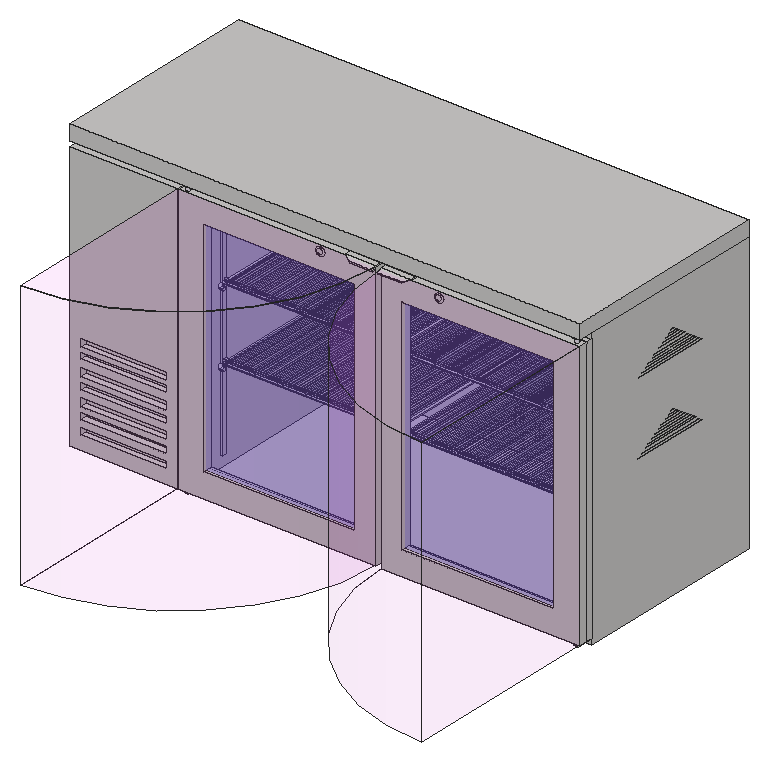
Revit family "QF_True_TBB24-60-2G-Z1-SFT-S-1_Glass_Swing_Door_Back_Bar", category Specialty Equipment, Revit 2021
Family settings
  Round Connector Dimension = Use Diameter
  Part Type = Normal
  Work Plane-Based = No
  Always vertical = Yes
  Cut with Voids When Loaded = No
  Shared = No
  Room Calculation Point = No
Parameters
  Weight in Pounds = 345
  Watts = Volts * FL Amps  # 368 W
  Volts = 115 V
  URL Cutsheet = ""
  Specification by User = ""
  Specification by Manufacturer = ""
  Show Seismic Flanged [instance] = yes
  Show Door Clearance [instance] = yes
  Show Default [instance] = if(or([Show 2" Casters], [Show 3" Casters]), or(or([Show 4" Casters], [Show 5" Casters], [Show 6" Legs]), and([Show 2" Casters], [Show 3" Casters]), and([Show 3" Casters], Show Seismic Flanged)), if(or([Show 4" Casters], [Show 5" Casters]), or(or([Show 6" Legs], Show Seismic Flanged), and([Show 4" Casters], [Show 5" Casters])), if([Show 6" Legs], Show Seismic Flanged, not(Show Seismic Flanged))))  # yes
  Show 6" Legs [instance] = yes
  Show 5" Casters [instance] = yes
  Show 4" Casters [instance] = yes
  Show 3" Casters [instance] = yes
  Show 2" Casters [instance] = yes
  Serial Number = ""
  Seismic Rating = ""
  SMACNA No = ""
  Revision Code = ""
  Phase = 1
  Number of Poles = 1
  NAFEM Spec ID Number = ""
  Model = "TBB24-60-2G-Z1-SFT-S-1"
  Min Ckt Ampacity = 0 A
  Max Overcurrent Protection = 0 A
  Masterspec = ""
  Manufacturer = "True"
  Length = 60 1/32"
  Item Number = ""
  Installed By = ""
  Identify Quantity as Lot = yes
  Height [instance] = Body Height + Base Height  # 34 23/32"
  HP = "1/4"
  Furnished By = ""
  Foodservice Equipment Identifier = yes
  FL Amps = 3.2 A
  Electrical Remarks = ""
  Electric Connection Type = ""
  Elec Conn RI Height = 0"
  Elec Conn Connection Height = 0"
  Door Finish [instance] = QF_Metal_Stainless_Polished
  Description = "Glass Swing Door Back Bar 24\" Depth Single Zone Cooler with Stainless Finished Top and Stainless Exterior"
  Depth = 25 11/32"
  Default Elevation = 0"
  Cycle = 60 Hz
  Counter Top Finish [instance] = QF_Metal_Stainless_Polished
  Conn Plug = "NEMA 5-15P"
  Conn Conduit = yes
  CSI MasterFormat = ""
  Body Height [instance] = 34 23/32"
  Body Finish [instance] = QF_Metal_Stainless_Polished
  Base Height [instance] = if(Show Default, 0", if([Show 2" Casters], 2", if([Show 3" Casters], 3", if([Show 4" Casters], 4", if([Show 5" Casters], 5", if([Show 6" Legs], 6", if(Show Seismic Flanged, 6", 0")))))))  # 0"
  Apparent Power = 0 VA
Reference planes (in)
  plane 1 "BACK": y = 0
  plane 2: z = 0
  plane 3 "LEFT": x = 0
  plane 4 "RIGHT": x = 60.03125
  plane 5 "FRONT": y = -25.34375
  plane 6 "TOP": z = 34.71875
  plane 7 "Center Y": x = 30.01563
  plane 8 "Center X": y = -12.67188
  plane 9: z = 0
Dimensions and locks (in)
  equal spacing: plane 3 "LEFT", plane 7 "Center Y", plane 4 "RIGHT"
  "Length": plane 3 "LEFT" to plane 4 "RIGHT"
  equal spacing: plane 5 "FRONT", plane 8 "Center X", plane 1 "BACK"
  "Depth": plane 5 "FRONT" to plane 1 "BACK"
  plane 6 "TOP" to level = 34 23/32"
  "Body Height": plane 6 "TOP" to plane 9
  "Base Height": plane 9 to level
  aligned and locked: level to plane 2
  aligned and locked: nested 1 to plane 9
Nested families (in)
  nested 1: "TBB24-60-2G-Z1-BST-B-1" at (0, 0, 0), Show Door Clearance <- "Show Door Clearance", Body Finish <- "Body Finish", Counter Top Finishes <- "Counter Top Finish", Door Finish <- "Door Finish", type "TBB24-60-2G-Z1-BST-B-1"
    with Show Door Clearance yes, Door Finish QF_Metal_Stainless_Polished, Counter Top Finishes QF_Metal_Stainless_Polished, Body Finish QF_Metal_Stainless_Polished
  nested 2: "Family3" at (2.5, -20.41792, 0), Show 2" Casters <- "Show 2" Casters", Show 3" Casters <- "Show 3" Casters", Show 4" Casters <- "Show 4" Casters", Show 5" Casters <- "Show 5" Casters", Show 6" Legs <- "Show 6" Legs", Show Seismic Flanged <- "Show Seismic Flanged", type "Family3"
    with Show Seismic Flanged yes, Show 6" Legs yes, Show 5" Casters yes, Show 4" Casters yes, Show 3" Casters yes, Show 2" Casters yes
  nested 3: "Family3" at (57.53125, -20.41792, 0), Show 2" Casters <- "Show 2" Casters", Show 3" Casters <- "Show 3" Casters", Show 4" Casters <- "Show 4" Casters", Show 5" Casters <- "Show 5" Casters", Show 6" Legs <- "Show 6" Legs", Show Seismic Flanged <- "Show Seismic Flanged", type "Family3"
    with Show Seismic Flanged yes, Show 6" Legs yes, Show 5" Casters yes, Show 4" Casters yes, Show 3" Casters yes, Show 2" Casters yes
  nested 4: "Family3" at (2.5, -2.91792, 0), Show 2" Casters <- "Show 2" Casters", Show 3" Casters <- "Show 3" Casters", Show 4" Casters <- "Show 4" Casters", Show 5" Casters <- "Show 5" Casters", Show 6" Legs <- "Show 6" Legs", Show Seismic Flanged <- "Show Seismic Flanged", type "Family3"
    with Show Seismic Flanged yes, Show 6" Legs yes, Show 5" Casters yes, Show 4" Casters yes, Show 3" Casters yes, Show 2" Casters yes
  nested 5: "Family3" at (57.53125, -2.91792, 0), Show 2" Casters <- "Show 2" Casters", Show 3" Casters <- "Show 3" Casters", Show 4" Casters <- "Show 4" Casters", Show 5" Casters <- "Show 5" Casters", Show 6" Legs <- "Show 6" Legs", Show Seismic Flanged <- "Show Seismic Flanged", type "Family3"
    with Show Seismic Flanged yes, Show 6" Legs yes, Show 5" Casters yes, Show 4" Casters yes, Show 3" Casters yes, Show 2" Casters yes
Connectors (in)
  electrical at (5.92159, 0.23047, 18.36709), driven by "Volts", driven by "Watts"
    settings: on nested 1, index 1, voltage 115 V, apparent load 368 VA, apparent load phase1 0 VA, apparent load phase2 0 VA, apparent load phase3 0 VA, power factor 1, load classification "Other", number of poles 1, system type 30, power factor state 1, is connector primary yes, connector utility no, sub classification motor no, connector description "ELECTRICAL CONNECTION"
Definition of nested family "TBB24-60-2G-Z1-BST-B-1"
  Parameters (values of type "TBB24-60-2G-Z1-BST-B-1")
    Weight in Pounds = 0
    URL Cutsheet = ""
    Specification by User = ""
    Specification by Manufacturer = ""
    Show Door Clearance [instance] = yes
    Serial Number = ""
    Seismic Rating = ""
    SMACNA No = ""
    Revision Code = ""
    NAFEM Spec ID Number = ""
    Masterspec = ""
    Length = 60 1/32"
    Item Number = ""
    Installed By = ""
    Identify Quantity as Lot = yes
    Height = 34 23/32"
    Furnished By = ""
    Foodservice Equipment Identifier = yes
    Door Finish [instance] = none
    Depth = 25 11/32"
    Default Elevation = 0"
    Counter Top Finishes [instance] = none
    CSI MasterFormat = ""
    Body Finish [instance] = none
  Reference planes (in)
    plane 1 "BACK": y = 0
    plane 2: z = 0
    plane 3 "LEFT": x = 0
    plane 4 "RIGHT": x = 60.03125
    plane 5 "FRONT": y = -25.34375
    plane 6 "TOP": z = 34.71875
    plane 7 "Center Y": x = 30.01563
    plane 8 "Center X": y = -12.67188
    plane 9: y = -48.09375
    plane 10: z = 0.6875
    plane 11: z = 32.9375
    plane 12: z = 2.0625
    plane 13: y = -21.41792
    plane 14: z = 0.33506
    plane 15: y = -24.875
    plane 16: y = -21.41792
  Forms (in)
    Extrusion 1, solid, material <- "Counter Top Finishes"
      sketch origin (0, 0, 0) x (1, 0, 0) y (0, 0, 1)
        loop
          line (0, 34.71875) -> (0, 32.9375) -> (60.03125, 32.9375) -> (60.03125, 34.71875) -> (0, 34.71875)
      from 0 to 24.875
    Extrusion 2, solid, material <- "Body Finish"
      sketch origin (0, 0, 0) x (0, 1, 0) y (0, 0, 1)
        loop
          line (0, 32.9375) -> (-23.09422, 32.9375) -> (-23.09422, 0) -> (0, 0) -> (0, 32.9375)
      from 0 to 60.03125
    Extrusion 3, void
      sketch origin (-0.75, -1.91691, 2.0625) x (0, -1, 0) y (1, 0, 0)
        loop
          line (0, 15.65625) -> (21.17731, 15.65625) -> (21.17731, 58.16688) -> (0, 58.16688) -> (0, 15.65625)
      from 0 to 30.21251
    Extrusion 4, solid, material <- "Body Finish"
      sketch origin (0, -23.09422, 32.9375) x (0, 0, -1) y (1, 0, 0)
        loop
          line (0.66249, 0) -> (32.25, 0) -> (32.25, 12.78125) -> (0.66249, 12.78125) -> (0.66249, 0)
      from 0 to 1.78078
    Extrusion 5, void
      sketch origin (0, -24.875, 32.9375) x (0, 0, 1) y (1, 0, 0)
        loop
          line (-20.35539, 1.27626) -> (-20.35539, 11.4546) -> (-21.35539, 11.4546) -> (-21.35539, 1.27626) -> (-20.35539, 1.27626)
        loop
          line (-21.80947, 1.27626) -> (-21.80947, 11.4546) -> (-22.63661, 11.4546) -> (-22.63661, 1.27626) -> (-21.80947, 1.27626)
        loop
          line (-23.48039, 1.27626) -> (-23.48039, 11.4546) -> (-24.48039, 11.4546) -> (-24.48039, 1.27626) -> (-23.48039, 1.27626)
        loop
          line (-25.05947, 1.27626) -> (-25.05947, 11.4546) -> (-25.88661, 11.4546) -> (-25.88661, 1.27626) -> (-25.05947, 1.27626)
        loop
          line (-26.60539, 1.27626) -> (-26.60539, 11.4546) -> (-27.60539, 11.4546) -> (-27.60539, 1.27626) -> (-26.60539, 1.27626)
        loop
          line (-28.18447, 1.27626) -> (-28.18447, 11.4546) -> (-29.01161, 11.4546) -> (-29.01161, 1.27626) -> (-28.18447, 1.27626)
        loop
          line (-29.80947, 1.27626) -> (-29.80947, 11.4546) -> (-30.63661, 11.4546) -> (-30.63661, 1.27626) -> (-29.80947, 1.27626)
      from 0 to 0.83594
    Extrusion 6, solid
      sketch origin (0, 0, 32.6875) x (0, 0, 1) y (1, 0, 0)
        loop
          arc (-12.59037, 11.27264) -> (-12.81004, 11.80298) -> (-13.34037, 12.02264) r 0.75
          line (-13.34037, 12.02264) -> (-31.375, 12.02264)
          arc (-31.375, 12.02264) -> (-31.90533, 11.80298) -> (-32.125, 11.27264) r 0.75
          line (-32.125, 11.27264) -> (-32.125, 0.75)
          arc (-32.125, 0.75) -> (-31.90533, 0.21967) -> (-31.375, 0) r 0.75
          line (-31.375, 0) -> (-13.34037, 0)
          arc (-13.34037, 0) -> (-12.81004, 0.21967) -> (-12.59037, 0.75) r 0.75
          line (-12.59037, 0.75) -> (-12.59037, 5.19897) -> (-12.14941, 5.19897)
          arc (-12.14941, 5.19897) -> (-11.39941, 5.94897) -> (-12.14941, 6.69897) r 0.75
          line (-12.14941, 6.69897) -> (-12.59037, 6.69897) -> (-12.59037, 11.27264)
      from 0 to 0.03125
    Extrusion 7, solid
      sketch origin (0, 0.03125, 32.6875) x (0, 0, 1) y (1, 0, 0)
        loop
          line (-11.64941, 5.94897) -> (-11.89941, 6.38198) -> (-12.39941, 6.38198) -> (-12.64941, 5.94897) -> (-12.39941, 5.51596) -> (-11.89941, 5.51596) -> (-11.64941, 5.94897)
      from 0 to 0.19922
    Extrusion 8, solid
      sketch origin (0, 0.03125, 32.6875) x (0, 0, 1) y (1, 0, 0)
        loop
          circle (-14.32041, 5.92159) r 0.5
      from 0 to 0.19922
    Blend 9, solid, material <- "Door Finish"
      base sketch origin (-5, -24.875, 35.99786) x (0, 0, -1) y (1, 0, 0)
        loop
          circle (4.37806, 48.52437) r 0.5
      top sketch origin (-5, -24.875, 35.99786) x (0, 0, 1) y (1, 0, 0)
        loop
          circle (-4.37806, 48.52437) r 0.37406
      from 0 to 0.04478
    Extrusion 10, solid
      sketch origin (14.90625, -23.09422, 2.0625) x (0, 1, 0) y (0, 0, 1)
        loop
          line (1.6763, 28.46788) -> (1.6763, 1.46788) -> (2.1763, 1.46788) -> (2.1763, 28.46788) -> (1.6763, 28.46788)
        loop
          line (17.9263, 28.46788) -> (17.9263, 1.46788) -> (18.4263, 1.46788) -> (18.4263, 28.46788) -> (17.9263, 28.46788)
      from 0 to 0.38124
    Extrusion 11, solid
      sketch origin (57.41688, -1.91691, 2.0625) x (0, -1, 0) y (0, 0, 1)
        loop
          line (19.50101, 28.46788) -> (19.00101, 28.46788) -> (19.00101, 1.46788) -> (19.50101, 1.46788) -> (19.50101, 28.46788)
        loop
          line (3.25101, 28.46788) -> (2.75101, 28.46788) -> (2.75101, 1.46788) -> (3.25101, 1.46788) -> (3.25101, 28.46788)
      from 0 to 0.38124
    Extrusion 12, solid
      sketch origin (19.04188, -1.91691, 2.0625) x (1, 0, 0) y (0, 0, 1)
        loop
          line (15.49577, 28.46788) -> (15.49577, 1.46788) -> (15.99577, 1.46788) -> (15.99577, 28.46788) -> (15.49577, 28.46788)
        loop
          line (18.27204, 28.46788) -> (17.77204, 28.46788) -> (17.77204, 1.46788) -> (18.27204, 1.46788) -> (18.27204, 28.46788)
        loop
          line (-0.31673, 28.46788) -> (-0.31673, 1.46788) -> (0.18327, 1.46788) -> (0.18327, 28.46788) -> (-0.31673, 28.46788)
        loop
          line (34.59516, 28.46788) -> (34.09516, 28.46788) -> (34.09516, 1.46788) -> (34.59516, 1.46788) -> (34.59516, 28.46788)
      from 0 to 0.38281
    Sweep 13, solid
      path origin (-10.42517, -180.25, 22.00641) x (-1, 0, 0) y (0, -1, 0)
        loop
          line (-25.93408, -158.83208) -> (-45.43408, -158.83208)
          arc (-45.43408, -158.83208) -> (-45.78763, -158.97853) -> (-45.93408, -159.33208) r 0.5
          line (-45.93408, -159.33208) -> (-45.93408, -177.20028)
          arc (-45.93408, -177.20028) -> (-45.78763, -177.55383) -> (-45.43408, -177.70028) r 0.5
          line (-45.43408, -177.70028) -> (-26.43408, -177.70028)
          arc (-26.43408, -177.70028) -> (-26.08052, -177.55383) -> (-25.93408, -177.20028) r 0.5
          line (-25.93408, -177.20028) -> (-25.93408, -158.33208)
          arc (-25.93408, -158.33208) -> (-26.08052, -157.97853) -> (-26.43408, -157.83208) r 0.5
          line (-26.43408, -157.83208) -> (-26.68408, -157.83208)
      profile origin (15.50891, -12.48382, 22.00641) x (1, 0, 0) y (0, 0, 1)
        loop
          circle (0, -0.10817) r 0.14183
    Extrusion 14, solid
      sketch origin (19.04188, -21.41792, 3.53038) x (0, 0, 1) y (-1, 0, 0)
        loop
          line (18.22603, 3.31156) -> (18.22603, 3.75439) -> (17.64488, 3.75439) -> (18.08771, 3.31156) -> (18.22603, 3.31156)
        loop
          line (18.22603, -37.55093) -> (18.08771, -37.55093) -> (17.64488, -37.99376) -> (18.22603, -37.99376) -> (18.22603, -37.55093)
      from 0 to -0.5
    Extrusion 15, solid
      sketch origin (25.04188, -5.16792, 3.53038) x (0, 0, 1) y (-1, 0, 0)
        loop
          line (18.22603, 9.31156) -> (18.22603, 9.75439) -> (17.64488, 9.75439) -> (18.08771, 9.31156) -> (18.22603, 9.31156)
        loop
          line (18.22603, -31.55093) -> (18.08771, -31.55093) -> (17.64488, -31.99376) -> (18.22603, -31.99376) -> (18.22603, -31.55093)
      from 0 to -0.5
    Extrusion 16, solid
      sketch origin (34.53765, -1.91691, 3.53038) x (0, 0, 1) y (0, 1, 0)
        loop
          line (18.22603, -0.82564) -> (18.22603, -0.38281) -> (17.64488, -0.38281) -> (18.08771, -0.82564) -> (18.22603, -0.82564)
      from 0 to -0.5
    Extrusion 17, solid
      sketch origin (18.72515, -1.91691, 3.53038) x (0, 0, 1) y (0, 1, 0)
        loop
          line (18.22603, -0.82564) -> (18.22603, -0.38281) -> (17.64488, -0.38281) -> (18.08771, -0.82564) -> (18.22603, -0.82564)
      from 0 to -0.5
    Extrusion 18, solid
      sketch origin (37.31391, -1.91691, 29.47235) x (0, 0, 1) y (0, -1, 0)
        loop
          line (-7.71594, 0.82564) -> (-7.85426, 0.82564) -> (-8.29708, 0.38281) -> (-7.71594, 0.38281) -> (-7.71594, 0.82564)
      from 0 to -0.5
    Extrusion 19, solid
      sketch origin (14.90625, -21.41792, -4.96962) x (0, 0, 1) y (-1, 0, 0)
        loop
          line (18.22603, -0.82407) -> (18.22603, -0.38124) -> (17.64488, -0.38124) -> (18.08771, -0.82407) -> (18.22603, -0.82407)
        loop
          line (18.22603, -41.68656) -> (18.08771, -41.68656) -> (17.64488, -42.12939) -> (18.22603, -42.12939) -> (18.22603, -41.68656)
      from 0 to -0.5
    Extrusion 20, solid
      sketch origin (34.53765, -1.91691, -4.96962) x (0, 0, 1) y (0, 1, 0)
        loop
          line (18.22603, -0.82564) -> (18.22603, -0.38281) -> (17.64488, -0.38281) -> (18.08771, -0.82564) -> (18.22603, -0.82564)
      from 0 to -0.5
    Extrusion 21, solid
      sketch origin (18.72515, -1.91691, -4.96962) x (0, 0, 1) y (0, 1, 0)
        loop
          line (18.22603, -0.82564) -> (18.22603, -0.38281) -> (17.64488, -0.38281) -> (18.08771, -0.82564) -> (18.22603, -0.82564)
      from 0 to -0.5
    Extrusion 22, solid
      sketch origin (15.5375, -180, 22.04397) x (0, 0, 1) y (0, -1, 0)
        loop
          circle (0.11695, -158.83233) r 0.05462
      from -0.25 to 19.9636
    Extrusion 23, solid
      sketch origin (15.5375, -180, 13.54397) x (0, 0, 1) y (0, -1, 0)
        loop
          circle (0.11695, -158.83233) r 0.05462
      from -0.25 to 19.9636
    Extrusion 24, solid
      sketch origin (56.82469, -180, 22.04397) x (0, 0, 1) y (0, 1, 0)
        loop
          circle (0.11695, 158.83233) r 0.05462
      from -0.21094 to 20.01078
    Extrusion 25, solid
      sketch origin (56.82022, -180, 13.54007) x (0, 0, 1) y (0, 1, 0)
        loop
          circle (0.11695, 158.83233) r 0.05462
      from -0.21094 to 20.00631
    Extrusion 26, solid
      sketch origin (-1.61038, -180, 0.33506) x (-1, 0, 0) y (0, -1, 0)
        loop
          line (-61.29788, -156.90578) -> (-59.66418, -156.90578)
          arc (-59.66418, -156.90578) -> (-59.54705, -156.82752) -> (-59.57453, -156.68935) r 0.12678
          line (-59.57453, -156.68935) -> (-60.70798, -155.5559)
          arc (-60.70798, -155.5559) -> (-60.77855, -155.50875) -> (-60.8618, -155.49219) r 0.21754
          line (-60.8618, -155.49219) -> (-61.1513, -155.49219)
          arc (-61.1513, -155.49219) -> (-61.25494, -155.53512) -> (-61.29788, -155.63876) r 0.14658
          line (-61.29788, -155.63876) -> (-61.29788, -156.90578)
        loop
          line (-14.76663, -156.90578) -> (-14.76663, -155.63876)
          arc (-14.76663, -155.63876) -> (-14.80956, -155.53512) -> (-14.9132, -155.49219) r 0.14658
          line (-14.9132, -155.49219) -> (-15.2027, -155.49219)
          arc (-15.2027, -155.49219) -> (-15.28595, -155.50875) -> (-15.35652, -155.5559) r 0.21754
          line (-15.35652, -155.5559) -> (-16.48997, -156.68935)
          arc (-16.48997, -156.68935) -> (-16.51745, -156.82752) -> (-16.40032, -156.90578) r 0.12678
          line (-16.40032, -156.90578) -> (-14.76663, -156.90578)
      from 0 to 0.0625
    Extrusion 27, solid
      sketch origin (0.42834, -23.09422, 32.9375) x (0, 0, -1) y (1, 0, 0)
        loop
          line (32.60244, 12.72791) -> (32.60244, 14.48839) -> (32.25, 14.48839) -> (32.25, 12.72791) -> (32.60244, 12.72791)
        loop
          line (32.60244, 59.25916) -> (32.25, 59.25916) -> (32.25, 57.49868) -> (32.60244, 57.49868) -> (32.60244, 59.25916)
      from 0 to 0.0625
    Revolve 28, solid
      sketch origin (59.28125, -179.80331, 0.39756) x (0, 0, 1) y (0, -1, 0)
        loop
          line (0.28994, -155.82696) -> (0, -155.82696) -> (0, -156.0211) -> (0.28994, -156.0211) -> (0.28994, -155.82696)
        axis (0.28994, -155.82696) -> (0, -155.82696)
      angle from 0 to 360
    Revolve 29, solid
      sketch origin (13.53125, -179.80331, 0.39756) x (0, 0, 1) y (0, -1, 0)
        loop
          line (0.28994, -155.82696) -> (0, -155.82696) -> (0, -156.0211) -> (0.28994, -156.0211) -> (0.28994, -155.82696)
        axis (0.28994, -155.82696) -> (0, -155.82696)
      angle from 0 to 360
    Extrusion 30, solid, material <- "Door Finish"
      sketch origin (0, -23.09422, 32.9375) x (0, 0, -1) y (1, 0, 0)
        loop
          line (0.66249, 12.78125) -> (32.25, 12.78125) -> (32.25, 36.40625) -> (0.66249, 36.40625) -> (0.66249, 12.78125)
        loop
          line (31.25, 13.78125) -> (31.25, 35.40625) -> (1.66249, 35.40625) -> (1.66249, 13.78125) -> (31.25, 13.78125)
      from 0 to 0.64622
    Extrusion 31, solid, material <- "Door Finish"
      sketch origin (71.7727, -23.09422, 32.9375) x (0, 0, -1) y (1, 0, 0)
        loop
          line (0.66249, -11.74145) -> (0.66249, -35.36645) -> (32.25, -35.36645) -> (32.25, -11.74145) -> (0.66249, -11.74145)
        loop
          line (31.25, -12.74145) -> (1.66249, -12.74145) -> (1.66249, -34.36645) -> (31.25, -34.36645) -> (31.25, -12.74145)
      from 0 to 0.64622
    Extrusion 32, solid, material <- "Door Finish"
      sketch origin (71.7727, -23.09422, 32.9375) x (0, 0, -1) y (1, 0, 0)
        loop
          line (0.66249, -11.74145) -> (0.66249, -35.05395) -> (32.25, -35.05395) -> (32.25, -11.74145) -> (0.66249, -11.74145)
        loop
          line (3.27169, -14.74153) -> (3.27169, -32.59088) -> (29.40712, -32.59088) -> (29.40712, -14.74153) -> (3.27169, -14.74153)
      from 1.78078 to 0.64622
    Sweep 33, solid
      path origin (-10.42517, -180.25, 13.50641) x (-1, 0, 0) y (0, -1, 0)
        loop
          line (-25.93408, -158.83208) -> (-45.43408, -158.83208)
          arc (-45.43408, -158.83208) -> (-45.78763, -158.97853) -> (-45.93408, -159.33208) r 0.5
          line (-45.93408, -159.33208) -> (-45.93408, -177.20028)
          arc (-45.93408, -177.20028) -> (-45.78763, -177.55383) -> (-45.43408, -177.70028) r 0.5
          line (-45.43408, -177.70028) -> (-26.43408, -177.70028)
          arc (-26.43408, -177.70028) -> (-26.08052, -177.55383) -> (-25.93408, -177.20028) r 0.5
          line (-25.93408, -177.20028) -> (-25.93408, -158.33208)
          arc (-25.93408, -158.33208) -> (-26.08052, -157.97853) -> (-26.43408, -157.83208) r 0.5
          line (-26.43408, -157.83208) -> (-26.68408, -157.83208)
      profile origin (15.50891, -12.48382, 13.50641) x (1, 0, 0) y (0, 0, 1)
        loop
          circle (0, -0.10817) r 0.14183
    Extrusion 34, solid
      sketch origin (53.63704, -1.91691, 29.47235) x (0, 0, 1) y (0, -1, 0)
        loop
          line (-7.71594, 0.82564) -> (-7.85426, 0.82564) -> (-8.29708, 0.38281) -> (-7.71594, 0.38281) -> (-7.71594, 0.82564)
      from 0 to -0.5
    Extrusion 35, solid
      sketch origin (36.81391, -1.91691, 30.53038) x (0, 0, -1) y (0, -1, 0)
        loop
          line (17.27397, 0.82564) -> (17.27397, 0.38281) -> (17.85512, 0.38281) -> (17.41229, 0.82564) -> (17.27397, 0.82564)
      from 0 to -0.5
    Extrusion 36, solid
      sketch origin (53.63704, -1.91691, 3.53038) x (0, 0, 1) y (0, -1, 0)
        loop
          line (9.72603, 0.82564) -> (9.58771, 0.82564) -> (9.14488, 0.38281) -> (9.72603, 0.38281) -> (9.72603, 0.82564)
      from 0 to -0.5
    Sweep 37, solid
      path origin (82.7483, -180.25, 22.00641) x (1, 0, 0) y (0, 1, 0)
        loop
          line (-25.93408, 158.83208) -> (-45.43408, 158.83208)
          arc (-45.43408, 158.83208) -> (-45.78763, 158.97853) -> (-45.93408, 159.33208) r 0.5
          line (-45.93408, 159.33208) -> (-45.93408, 177.20028)
          arc (-45.93408, 177.20028) -> (-45.78763, 177.55383) -> (-45.43408, 177.70028) r 0.5
          line (-45.43408, 177.70028) -> (-26.43408, 177.70028)
          arc (-26.43408, 177.70028) -> (-26.08052, 177.55383) -> (-25.93408, 177.20028) r 0.5
          line (-25.93408, 177.20028) -> (-25.93408, 158.33208)
          arc (-25.93408, 158.33208) -> (-26.08052, 157.97853) -> (-26.43408, 157.83208) r 0.5
          line (-26.43408, 157.83208) -> (-26.68408, 157.83208)
      profile origin (56.81422, -12.48382, 22.00641) x (1, 0, 0) y (0, 0, 1)
        loop
          circle (0, -0.10817) r 0.14183
    Sweep 38, solid
      path origin (82.7483, -180.25, 13.50641) x (1, 0, 0) y (0, 1, 0)
        loop
          line (-25.93408, 158.83208) -> (-45.43408, 158.83208)
          arc (-45.43408, 158.83208) -> (-45.78763, 158.97853) -> (-45.93408, 159.33208) r 0.5
          line (-45.93408, 159.33208) -> (-45.93408, 177.20028)
          arc (-45.93408, 177.20028) -> (-45.78763, 177.55383) -> (-45.43408, 177.70028) r 0.5
          line (-45.43408, 177.70028) -> (-26.43408, 177.70028)
          arc (-26.43408, 177.70028) -> (-26.08052, 177.55383) -> (-25.93408, 177.20028) r 0.5
          line (-25.93408, 177.20028) -> (-25.93408, 158.33208)
          arc (-25.93408, 158.33208) -> (-26.08052, 157.97853) -> (-26.43408, 157.83208) r 0.5
          line (-26.43408, 157.83208) -> (-26.68408, 157.83208)
      profile origin (56.81422, -12.48382, 13.50641) x (1, 0, 0) y (0, 0, 1)
        loop
          circle (0, -0.10817) r 0.14183
    Extrusion 39, solid
      sketch origin (0, -21.41792, 22.04105) x (0, 0, -1) y (1, 0, 0)
        loop
          circle (-0.03189, 15.80488) r 0.03205
      from 0 to -18.90457
    Extrusion 40, solid
      sketch origin (19.5489, -21.41792, 22.04105) x (0, 0, -1) y (1, 0, 0)
        loop
          circle (-0.03189, 15.80488) r 0.03205
      from 0 to -18.90457
    Extrusion 41, solid
      sketch origin (0.33134, -21.41792, 22.04105) x (0, 0, -1) y (1, 0, 0)
        loop
          circle (-0.03189, 15.80488) r 0.03205
      from 0 to -18.90457
    Extrusion 42, solid
      sketch origin (0.66267, -21.41792, 22.04105) x (0, 0, -1) y (1, 0, 0)
        loop
          circle (-0.03189, 15.80488) r 0.03205
      from 0 to -18.90457
    Extrusion 43, solid
      sketch origin (0.99401, -21.41792, 22.04105) x (0, 0, -1) y (1, 0, 0)
        loop
          circle (-0.03189, 15.80488) r 0.03205
      from 0 to -18.90457
    Extrusion 44, solid
      sketch origin (1.32535, -21.41792, 22.04105) x (0, 0, -1) y (1, 0, 0)
        loop
          circle (-0.03189, 15.80488) r 0.03205
      from 0 to -18.90457
    Extrusion 45, solid
      sketch origin (1.65669, -21.41792, 22.04105) x (0, 0, -1) y (1, 0, 0)
        loop
          circle (-0.03189, 15.80488) r 0.03205
      from 0 to -18.90457
    Extrusion 46, solid
      sketch origin (1.98802, -21.41792, 22.04105) x (0, 0, -1) y (1, 0, 0)
        loop
          circle (-0.03189, 15.80488) r 0.03205
      from 0 to -18.90457
    Extrusion 47, solid
      sketch origin (2.31936, -21.41792, 22.04105) x (0, 0, -1) y (1, 0, 0)
        loop
          circle (-0.03189, 15.80488) r 0.03205
      from 0 to -18.90457
    Extrusion 48, solid
      sketch origin (2.6507, -21.41792, 22.04105) x (0, 0, -1) y (1, 0, 0)
        loop
          circle (-0.03189, 15.80488) r 0.03205
      from 0 to -18.90457
    Extrusion 49, solid
      sketch origin (2.98203, -21.41792, 22.04105) x (0, 0, -1) y (1, 0, 0)
        loop
          circle (-0.03189, 15.80488) r 0.03205
      from 0 to -18.90457
    Extrusion 50, solid
      sketch origin (3.31337, -21.41792, 22.04105) x (0, 0, -1) y (1, 0, 0)
        loop
          circle (-0.03189, 15.80488) r 0.03205
      from 0 to -18.90457
    Extrusion 51, solid
      sketch origin (3.64471, -21.41792, 22.04105) x (0, 0, -1) y (1, 0, 0)
        loop
          circle (-0.03189, 15.80488) r 0.03205
      from 0 to -18.90457
    Extrusion 52, solid
      sketch origin (3.97605, -21.41792, 22.04105) x (0, 0, -1) y (1, 0, 0)
        loop
          circle (-0.03189, 15.80488) r 0.03205
      from 0 to -18.90457
    Extrusion 53, solid
      sketch origin (4.30738, -21.41792, 22.04105) x (0, 0, -1) y (1, 0, 0)
        loop
          circle (-0.03189, 15.80488) r 0.03205
      from 0 to -18.90457
    Extrusion 54, solid
      sketch origin (4.63872, -21.41792, 22.04105) x (0, 0, -1) y (1, 0, 0)
        loop
          circle (-0.03189, 15.80488) r 0.03205
      from 0 to -18.90457
    Extrusion 55, solid
      sketch origin (4.97006, -21.41792, 22.04105) x (0, 0, -1) y (1, 0, 0)
        loop
          circle (-0.03189, 15.80488) r 0.03205
      from 0 to -18.90457
    Extrusion 56, solid
      sketch origin (5.3014, -21.41792, 22.04105) x (0, 0, -1) y (1, 0, 0)
        loop
          circle (-0.03189, 15.80488) r 0.03205
      from 0 to -18.90457
    Extrusion 57, solid
      sketch origin (5.63273, -21.41792, 22.04105) x (0, 0, -1) y (1, 0, 0)
        loop
          circle (-0.03189, 15.80488) r 0.03205
      from 0 to -18.90457
    Extrusion 58, solid
      sketch origin (5.96407, -21.41792, 22.04105) x (0, 0, -1) y (1, 0, 0)
        loop
          circle (-0.03189, 15.80488) r 0.03205
      from 0 to -18.90457
    Extrusion 59, solid
      sketch origin (6.29541, -21.41792, 22.04105) x (0, 0, -1) y (1, 0, 0)
        loop
          circle (-0.03189, 15.80488) r 0.03205
      from 0 to -18.90457
    Extrusion 60, solid
      sketch origin (6.62674, -21.41792, 22.04105) x (0, 0, -1) y (1, 0, 0)
        loop
          circle (-0.03189, 15.80488) r 0.03205
      from 0 to -18.90457
    Extrusion 61, solid
      sketch origin (6.95808, -21.41792, 22.04105) x (0, 0, -1) y (1, 0, 0)
        loop
          circle (-0.03189, 15.80488) r 0.03205
      from 0 to -18.90457
    Extrusion 62, solid
      sketch origin (7.28942, -21.41792, 22.04105) x (0, 0, -1) y (1, 0, 0)
        loop
          circle (-0.03189, 15.80488) r 0.03205
      from 0 to -18.90457
    Extrusion 63, solid
      sketch origin (7.62076, -21.41792, 22.04105) x (0, 0, -1) y (1, 0, 0)
        loop
          circle (-0.03189, 15.80488) r 0.03205
      from 0 to -18.90457
    Extrusion 64, solid
      sketch origin (7.95209, -21.41792, 22.04105) x (0, 0, -1) y (1, 0, 0)
        loop
          circle (-0.03189, 15.80488) r 0.03205
      from 0 to -18.90457
    Extrusion 65, solid
      sketch origin (8.28343, -21.41792, 22.04105) x (0, 0, -1) y (1, 0, 0)
        loop
          circle (-0.03189, 15.80488) r 0.03205
      from 0 to -18.90457
    Extrusion 66, solid
      sketch origin (8.61477, -21.41792, 22.04105) x (0, 0, -1) y (1, 0, 0)
        loop
          circle (-0.03189, 15.80488) r 0.03205
      from 0 to -18.90457
    Extrusion 67, solid
      sketch origin (8.9461, -21.41792, 22.04105) x (0, 0, -1) y (1, 0, 0)
        loop
          circle (-0.03189, 15.80488) r 0.03205
      from 0 to -18.90457
    Extrusion 68, solid
      sketch origin (9.27744, -21.41792, 22.04105) x (0, 0, -1) y (1, 0, 0)
        loop
          circle (-0.03189, 15.80488) r 0.03205
      from 0 to -18.90457
    Extrusion 69, solid
      sketch origin (9.60878, -21.41792, 22.04105) x (0, 0, -1) y (1, 0, 0)
        loop
          circle (-0.03189, 15.80488) r 0.03205
      from 0 to -18.90457
    Extrusion 70, solid
      sketch origin (9.94012, -21.41792, 22.04105) x (0, 0, -1) y (1, 0, 0)
        loop
          circle (-0.03189, 15.80488) r 0.03205
      from 0 to -18.90457
    Extrusion 71, solid
      sketch origin (10.27145, -21.41792, 22.04105) x (0, 0, -1) y (1, 0, 0)
        loop
          circle (-0.03189, 15.80488) r 0.03205
      from 0 to -18.90457
    Extrusion 72, solid
      sketch origin (10.60279, -21.41792, 22.04105) x (0, 0, -1) y (1, 0, 0)
        loop
          circle (-0.03189, 15.80488) r 0.03205
      from 0 to -18.90457
    Extrusion 73, solid
      sketch origin (10.93413, -21.41792, 22.04105) x (0, 0, -1) y (1, 0, 0)
        loop
          circle (-0.03189, 15.80488) r 0.03205
      from 0 to -18.90457
    Extrusion 74, solid
      sketch origin (11.26547, -21.41792, 22.04105) x (0, 0, -1) y (1, 0, 0)
        loop
          circle (-0.03189, 15.80488) r 0.03205
      from 0 to -18.90457
    Extrusion 75, solid
      sketch origin (11.5968, -21.41792, 22.04105) x (0, 0, -1) y (1, 0, 0)
        loop
          circle (-0.03189, 15.80488) r 0.03205
      from 0 to -18.90457
    Extrusion 76, solid
      sketch origin (11.92814, -21.41792, 22.04105) x (0, 0, -1) y (1, 0, 0)
        loop
          circle (-0.03189, 15.80488) r 0.03205
      from 0 to -18.90457
    Extrusion 77, solid
      sketch origin (12.25948, -21.41792, 22.04105) x (0, 0, -1) y (1, 0, 0)
        loop
          circle (-0.03189, 15.80488) r 0.03205
      from 0 to -18.90457
    Extrusion 78, solid
      sketch origin (12.59081, -21.41792, 22.04105) x (0, 0, -1) y (1, 0, 0)
        loop
          circle (-0.03189, 15.80488) r 0.03205
      from 0 to -18.90457
    Extrusion 79, solid
      sketch origin (12.92215, -21.41792, 22.04105) x (0, 0, -1) y (1, 0, 0)
        loop
          circle (-0.03189, 15.80488) r 0.03205
      from 0 to -18.90457
    Extrusion 80, solid
      sketch origin (13.25349, -21.41792, 22.04105) x (0, 0, -1) y (1, 0, 0)
        loop
          circle (-0.03189, 15.80488) r 0.03205
      from 0 to -18.90457
    Extrusion 81, solid
      sketch origin (13.58483, -21.41792, 22.04105) x (0, 0, -1) y (1, 0, 0)
        loop
          circle (-0.03189, 15.80488) r 0.03205
      from 0 to -18.90457
    Extrusion 82, solid
      sketch origin (13.91616, -21.41792, 22.04105) x (0, 0, -1) y (1, 0, 0)
        loop
          circle (-0.03189, 15.80488) r 0.03205
      from 0 to -18.90457
    Extrusion 83, solid
      sketch origin (14.2475, -21.41792, 22.04105) x (0, 0, -1) y (1, 0, 0)
        loop
          circle (-0.03189, 15.80488) r 0.03205
      from 0 to -18.90457
    Extrusion 84, solid
      sketch origin (14.57884, -21.41792, 22.04105) x (0, 0, -1) y (1, 0, 0)
        loop
          circle (-0.03189, 15.80488) r 0.03205
      from 0 to -18.90457
    Extrusion 85, solid
      sketch origin (14.91017, -21.41792, 22.04105) x (0, 0, -1) y (1, 0, 0)
        loop
          circle (-0.03189, 15.80488) r 0.03205
      from 0 to -18.90457
    Extrusion 86, solid
      sketch origin (15.24151, -21.41792, 22.04105) x (0, 0, -1) y (1, 0, 0)
        loop
          circle (-0.03189, 15.80488) r 0.03205
      from 0 to -18.90457
    Extrusion 87, solid
      sketch origin (15.57285, -21.41792, 22.04105) x (0, 0, -1) y (1, 0, 0)
        loop
          circle (-0.03189, 15.80488) r 0.03205
      from 0 to -18.90457
    Extrusion 88, solid
      sketch origin (15.90419, -21.41792, 22.04105) x (0, 0, -1) y (1, 0, 0)
        loop
          circle (-0.03189, 15.80488) r 0.03205
      from 0 to -18.90457
    Extrusion 89, solid
      sketch origin (16.23552, -21.41792, 22.04105) x (0, 0, -1) y (1, 0, 0)
        loop
          circle (-0.03189, 15.80488) r 0.03205
      from 0 to -18.90457
    Extrusion 90, solid
      sketch origin (16.56686, -21.41792, 22.04105) x (0, 0, -1) y (1, 0, 0)
        loop
          circle (-0.03189, 15.80488) r 0.03205
      from 0 to -18.90457
    Extrusion 91, solid
      sketch origin (16.8982, -21.41792, 22.04105) x (0, 0, -1) y (1, 0, 0)
        loop
          circle (-0.03189, 15.80488) r 0.03205
      from 0 to -18.90457
    Extrusion 92, solid
      sketch origin (17.22954, -21.41792, 22.04105) x (0, 0, -1) y (1, 0, 0)
        loop
          circle (-0.03189, 15.80488) r 0.03205
      from 0 to -18.90457
    Extrusion 93, solid
      sketch origin (17.56087, -21.41792, 22.04105) x (0, 0, -1) y (1, 0, 0)
        loop
          circle (-0.03189, 15.80488) r 0.03205
      from 0 to -18.90457
    Extrusion 94, solid
      sketch origin (17.89221, -21.41792, 22.04105) x (0, 0, -1) y (1, 0, 0)
        loop
          circle (-0.03189, 15.80488) r 0.03205
      from 0 to -18.90457
    Extrusion 95, solid
      sketch origin (18.22355, -21.41792, 22.04105) x (0, 0, -1) y (1, 0, 0)
        loop
          circle (-0.03189, 15.80488) r 0.03205
      from 0 to -18.90457
    Extrusion 96, solid
      sketch origin (18.55488, -21.41792, 22.04105) x (0, 0, -1) y (1, 0, 0)
        loop
          circle (-0.03189, 15.80488) r 0.03205
      from 0 to -18.90457
    Extrusion 97, solid
      sketch origin (18.88622, -21.41792, 22.04105) x (0, 0, -1) y (1, 0, 0)
        loop
          circle (-0.03189, 15.80488) r 0.03205
      from 0 to -18.90457
    Extrusion 98, solid
      sketch origin (19.21756, -21.41792, 22.04105) x (0, 0, -1) y (1, 0, 0)
        loop
          circle (-0.03189, 15.80488) r 0.03205
      from 0 to -18.90457
    Extrusion 99, solid
      sketch origin (0, -21.41792, 13.54105) x (0, 0, -1) y (1, 0, 0)
        loop
          circle (-0.03189, 15.80488) r 0.03205
      from 0 to -18.90457
    Extrusion 100, solid
      sketch origin (19.5489, -21.41792, 13.54105) x (0, 0, -1) y (1, 0, 0)
        loop
          circle (-0.03189, 15.80488) r 0.03205
      from 0 to -18.90457
    Extrusion 101, solid
      sketch origin (0.33134, -21.41792, 13.54105) x (0, 0, -1) y (1, 0, 0)
        loop
          circle (-0.03189, 15.80488) r 0.03205
      from 0 to -18.90457
    Extrusion 102, solid
      sketch origin (0.66267, -21.41792, 13.54105) x (0, 0, -1) y (1, 0, 0)
        loop
          circle (-0.03189, 15.80488) r 0.03205
      from 0 to -18.90457
    Extrusion 103, solid
      sketch origin (0.99401, -21.41792, 13.54105) x (0, 0, -1) y (1, 0, 0)
        loop
          circle (-0.03189, 15.80488) r 0.03205
      from 0 to -18.90457
    Extrusion 104, solid
      sketch origin (1.32535, -21.41792, 13.54105) x (0, 0, -1) y (1, 0, 0)
        loop
          circle (-0.03189, 15.80488) r 0.03205
      from 0 to -18.90457
    Extrusion 105, solid
      sketch origin (1.65669, -21.41792, 13.54105) x (0, 0, -1) y (1, 0, 0)
        loop
          circle (-0.03189, 15.80488) r 0.03205
      from 0 to -18.90457
    Extrusion 106, solid
      sketch origin (1.98802, -21.41792, 13.54105) x (0, 0, -1) y (1, 0, 0)
        loop
          circle (-0.03189, 15.80488) r 0.03205
      from 0 to -18.90457
    Extrusion 107, solid
      sketch origin (2.31936, -21.41792, 13.54105) x (0, 0, -1) y (1, 0, 0)
        loop
          circle (-0.03189, 15.80488) r 0.03205
      from 0 to -18.90457
    Extrusion 108, solid
      sketch origin (2.6507, -21.41792, 13.54105) x (0, 0, -1) y (1, 0, 0)
        loop
          circle (-0.03189, 15.80488) r 0.03205
      from 0 to -18.90457
    Extrusion 109, solid
      sketch origin (2.98203, -21.41792, 13.54105) x (0, 0, -1) y (1, 0, 0)
        loop
          circle (-0.03189, 15.80488) r 0.03205
      from 0 to -18.90457
    Extrusion 110, solid
      sketch origin (3.31337, -21.41792, 13.54105) x (0, 0, -1) y (1, 0, 0)
        loop
          circle (-0.03189, 15.80488) r 0.03205
      from 0 to -18.90457
    Extrusion 111, solid
      sketch origin (3.64471, -21.41792, 13.54105) x (0, 0, -1) y (1, 0, 0)
        loop
          circle (-0.03189, 15.80488) r 0.03205
      from 0 to -18.90457
    Extrusion 112, solid
      sketch origin (3.97605, -21.41792, 13.54105) x (0, 0, -1) y (1, 0, 0)
        loop
          circle (-0.03189, 15.80488) r 0.03205
      from 0 to -18.90457
    Extrusion 113, solid
      sketch origin (4.30738, -21.41792, 13.54105) x (0, 0, -1) y (1, 0, 0)
        loop
          circle (-0.03189, 15.80488) r 0.03205
      from 0 to -18.90457
    Extrusion 114, solid
      sketch origin (4.63872, -21.41792, 13.54105) x (0, 0, -1) y (1, 0, 0)
        loop
          circle (-0.03189, 15.80488) r 0.03205
      from 0 to -18.90457
    Extrusion 115, solid
      sketch origin (4.97006, -21.41792, 13.54105) x (0, 0, -1) y (1, 0, 0)
        loop
          circle (-0.03189, 15.80488) r 0.03205
      from 0 to -18.90457
    Extrusion 116, solid
      sketch origin (5.3014, -21.41792, 13.54105) x (0, 0, -1) y (1, 0, 0)
        loop
          circle (-0.03189, 15.80488) r 0.03205
      from 0 to -18.90457
    Extrusion 117, solid
      sketch origin (5.63273, -21.41792, 13.54105) x (0, 0, -1) y (1, 0, 0)
        loop
          circle (-0.03189, 15.80488) r 0.03205
      from 0 to -18.90457
    Extrusion 118, solid
      sketch origin (5.96407, -21.41792, 13.54105) x (0, 0, -1) y (1, 0, 0)
        loop
          circle (-0.03189, 15.80488) r 0.03205
      from 0 to -18.90457
    Extrusion 119, solid
      sketch origin (6.29541, -21.41792, 13.54105) x (0, 0, -1) y (1, 0, 0)
        loop
          circle (-0.03189, 15.80488) r 0.03205
      from 0 to -18.90457
    Extrusion 120, solid
      sketch origin (6.62674, -21.41792, 13.54105) x (0, 0, -1) y (1, 0, 0)
        loop
          circle (-0.03189, 15.80488) r 0.03205
      from 0 to -18.90457
    Extrusion 121, solid
      sketch origin (6.95808, -21.41792, 13.54105) x (0, 0, -1) y (1, 0, 0)
        loop
          circle (-0.03189, 15.80488) r 0.03205
      from 0 to -18.90457
    Extrusion 122, solid
      sketch origin (7.28942, -21.41792, 13.54105) x (0, 0, -1) y (1, 0, 0)
        loop
          circle (-0.03189, 15.80488) r 0.03205
      from 0 to -18.90457
    Extrusion 123, solid
      sketch origin (7.62076, -21.41792, 13.54105) x (0, 0, -1) y (1, 0, 0)
        loop
          circle (-0.03189, 15.80488) r 0.03205
      from 0 to -18.90457
    Extrusion 124, solid
      sketch origin (7.95209, -21.41792, 13.54105) x (0, 0, -1) y (1, 0, 0)
        loop
          circle (-0.03189, 15.80488) r 0.03205
      from 0 to -18.90457
    Extrusion 125, solid
      sketch origin (8.28343, -21.41792, 13.54105) x (0, 0, -1) y (1, 0, 0)
        loop
          circle (-0.03189, 15.80488) r 0.03205
      from 0 to -18.90457
    Extrusion 126, solid
      sketch origin (8.61477, -21.41792, 13.54105) x (0, 0, -1) y (1, 0, 0)
        loop
          circle (-0.03189, 15.80488) r 0.03205
      from 0 to -18.90457
    Extrusion 127, solid
      sketch origin (8.9461, -21.41792, 13.54105) x (0, 0, -1) y (1, 0, 0)
        loop
          circle (-0.03189, 15.80488) r 0.03205
      from 0 to -18.90457
    Extrusion 128, solid
      sketch origin (9.27744, -21.41792, 13.54105) x (0, 0, -1) y (1, 0, 0)
        loop
          circle (-0.03189, 15.80488) r 0.03205
      from 0 to -18.90457
    Extrusion 129, solid
      sketch origin (9.60878, -21.41792, 13.54105) x (0, 0, -1) y (1, 0, 0)
        loop
          circle (-0.03189, 15.80488) r 0.03205
      from 0 to -18.90457
    Extrusion 130, solid
      sketch origin (9.94012, -21.41792, 13.54105) x (0, 0, -1) y (1, 0, 0)
        loop
          circle (-0.03189, 15.80488) r 0.03205
      from 0 to -18.90457
    Extrusion 131, solid
      sketch origin (10.27145, -21.41792, 13.54105) x (0, 0, -1) y (1, 0, 0)
        loop
          circle (-0.03189, 15.80488) r 0.03205
      from 0 to -18.90457
    Extrusion 132, solid
      sketch origin (10.60279, -21.41792, 13.54105) x (0, 0, -1) y (1, 0, 0)
        loop
          circle (-0.03189, 15.80488) r 0.03205
      from 0 to -18.90457
    Extrusion 133, solid
      sketch origin (10.93413, -21.41792, 13.54105) x (0, 0, -1) y (1, 0, 0)
        loop
          circle (-0.03189, 15.80488) r 0.03205
      from 0 to -18.90457
    Extrusion 134, solid
      sketch origin (11.26547, -21.41792, 13.54105) x (0, 0, -1) y (1, 0, 0)
        loop
          circle (-0.03189, 15.80488) r 0.03205
      from 0 to -18.90457
    Extrusion 135, solid
      sketch origin (11.5968, -21.41792, 13.54105) x (0, 0, -1) y (1, 0, 0)
        loop
          circle (-0.03189, 15.80488) r 0.03205
      from 0 to -18.90457
    Extrusion 136, solid
      sketch origin (11.92814, -21.41792, 13.54105) x (0, 0, -1) y (1, 0, 0)
        loop
          circle (-0.03189, 15.80488) r 0.03205
      from 0 to -18.90457
    Extrusion 137, solid
      sketch origin (12.25948, -21.41792, 13.54105) x (0, 0, -1) y (1, 0, 0)
        loop
          circle (-0.03189, 15.80488) r 0.03205
      from 0 to -18.90457
    Extrusion 138, solid
      sketch origin (12.59081, -21.41792, 13.54105) x (0, 0, -1) y (1, 0, 0)
        loop
          circle (-0.03189, 15.80488) r 0.03205
      from 0 to -18.90457
    Extrusion 139, solid
      sketch origin (12.92215, -21.41792, 13.54105) x (0, 0, -1) y (1, 0, 0)
        loop
          circle (-0.03189, 15.80488) r 0.03205
      from 0 to -18.90457
    Extrusion 140, solid
      sketch origin (13.25349, -21.41792, 13.54105) x (0, 0, -1) y (1, 0, 0)
        loop
          circle (-0.03189, 15.80488) r 0.03205
      from 0 to -18.90457
    Extrusion 141, solid
      sketch origin (13.58483, -21.41792, 13.54105) x (0, 0, -1) y (1, 0, 0)
        loop
          circle (-0.03189, 15.80488) r 0.03205
      from 0 to -18.90457
    Extrusion 142, solid
      sketch origin (13.91616, -21.41792, 13.54105) x (0, 0, -1) y (1, 0, 0)
        loop
          circle (-0.03189, 15.80488) r 0.03205
      from 0 to -18.90457
    Extrusion 143, solid
      sketch origin (14.2475, -21.41792, 13.54105) x (0, 0, -1) y (1, 0, 0)
        loop
          circle (-0.03189, 15.80488) r 0.03205
      from 0 to -18.90457
    Extrusion 144, solid
      sketch origin (14.57884, -21.41792, 13.54105) x (0, 0, -1) y (1, 0, 0)
        loop
          circle (-0.03189, 15.80488) r 0.03205
      from 0 to -18.90457
    Extrusion 145, solid
      sketch origin (14.91017, -21.41792, 13.54105) x (0, 0, -1) y (1, 0, 0)
        loop
          circle (-0.03189, 15.80488) r 0.03205
      from 0 to -18.90457
    Extrusion 146, solid
      sketch origin (15.24151, -21.41792, 13.54105) x (0, 0, -1) y (1, 0, 0)
        loop
          circle (-0.03189, 15.80488) r 0.03205
      from 0 to -18.90457
    Extrusion 147, solid
      sketch origin (15.57285, -21.41792, 13.54105) x (0, 0, -1) y (1, 0, 0)
        loop
          circle (-0.03189, 15.80488) r 0.03205
      from 0 to -18.90457
    Extrusion 148, solid
      sketch origin (15.90419, -21.41792, 13.54105) x (0, 0, -1) y (1, 0, 0)
        loop
          circle (-0.03189, 15.80488) r 0.03205
      from 0 to -18.90457
    Extrusion 149, solid
      sketch origin (16.23552, -21.41792, 13.54105) x (0, 0, -1) y (1, 0, 0)
        loop
          circle (-0.03189, 15.80488) r 0.03205
      from 0 to -18.90457
    Extrusion 150, solid
      sketch origin (16.56686, -21.41792, 13.54105) x (0, 0, -1) y (1, 0, 0)
        loop
          circle (-0.03189, 15.80488) r 0.03205
      from 0 to -18.90457
    Extrusion 151, solid
      sketch origin (16.8982, -21.41792, 13.54105) x (0, 0, -1) y (1, 0, 0)
        loop
          circle (-0.03189, 15.80488) r 0.03205
      from 0 to -18.90457
    Extrusion 152, solid
      sketch origin (17.22954, -21.41792, 13.54105) x (0, 0, -1) y (1, 0, 0)
        loop
          circle (-0.03189, 15.80488) r 0.03205
      from 0 to -18.90457
    Extrusion 153, solid
      sketch origin (17.56087, -21.41792, 13.54105) x (0, 0, -1) y (1, 0, 0)
        loop
          circle (-0.03189, 15.80488) r 0.03205
      from 0 to -18.90457
    Extrusion 154, solid
      sketch origin (17.89221, -21.41792, 13.54105) x (0, 0, -1) y (1, 0, 0)
        loop
          circle (-0.03189, 15.80488) r 0.03205
      from 0 to -18.90457
    Extrusion 155, solid
      sketch origin (18.22355, -21.41792, 13.54105) x (0, 0, -1) y (1, 0, 0)
        loop
          circle (-0.03189, 15.80488) r 0.03205
      from 0 to -18.90457
    Extrusion 156, solid
      sketch origin (18.55488, -21.41792, 13.54105) x (0, 0, -1) y (1, 0, 0)
        loop
          circle (-0.03189, 15.80488) r 0.03205
      from 0 to -18.90457
    Extrusion 157, solid
      sketch origin (18.88622, -21.41792, 13.54105) x (0, 0, -1) y (1, 0, 0)
        loop
          circle (-0.03189, 15.80488) r 0.03205
      from 0 to -18.90457
    Extrusion 158, solid
      sketch origin (19.21756, -21.41792, 13.54105) x (0, 0, -1) y (1, 0, 0)
        loop
          circle (-0.03189, 15.80488) r 0.03205
      from 0 to -18.90457
    Extrusion 159, solid
      sketch origin (21.18991, -21.41792, 22.04105) x (0, 0, -1) y (1, 0, 0)
        loop
          circle (-0.03189, 15.80488) r 0.03205
      from 0 to -18.90457
    Extrusion 160, solid
      sketch origin (40.73881, -21.41792, 22.04105) x (0, 0, -1) y (1, 0, 0)
        loop
          circle (-0.03189, 15.80488) r 0.03205
      from 0 to -18.90457
    Extrusion 161, solid
      sketch origin (21.52125, -21.41792, 22.04105) x (0, 0, -1) y (1, 0, 0)
        loop
          circle (-0.03189, 15.80488) r 0.03205
      from 0 to -18.90457
    Extrusion 162, solid
      sketch origin (21.85259, -21.41792, 22.04105) x (0, 0, -1) y (1, 0, 0)
        loop
          circle (-0.03189, 15.80488) r 0.03205
      from 0 to -18.90457
    Extrusion 163, solid
      sketch origin (22.18392, -21.41792, 22.04105) x (0, 0, -1) y (1, 0, 0)
        loop
          circle (-0.03189, 15.80488) r 0.03205
      from 0 to -18.90457
    Extrusion 164, solid
      sketch origin (22.51526, -21.41792, 22.04105) x (0, 0, -1) y (1, 0, 0)
        loop
          circle (-0.03189, 15.80488) r 0.03205
      from 0 to -18.90457
    Extrusion 165, solid
      sketch origin (22.8466, -21.41792, 22.04105) x (0, 0, -1) y (1, 0, 0)
        loop
          circle (-0.03189, 15.80488) r 0.03205
      from 0 to -18.90457
    Extrusion 166, solid
      sketch origin (23.17793, -21.41792, 22.04105) x (0, 0, -1) y (1, 0, 0)
        loop
          circle (-0.03189, 15.80488) r 0.03205
      from 0 to -18.90457
    Extrusion 167, solid
      sketch origin (23.50927, -21.41792, 22.04105) x (0, 0, -1) y (1, 0, 0)
        loop
          circle (-0.03189, 15.80488) r 0.03205
      from 0 to -18.90457
    Extrusion 168, solid
      sketch origin (23.84061, -21.41792, 22.04105) x (0, 0, -1) y (1, 0, 0)
        loop
          circle (-0.03189, 15.80488) r 0.03205
      from 0 to -18.90457
    Extrusion 169, solid
      sketch origin (24.17195, -21.41792, 22.04105) x (0, 0, -1) y (1, 0, 0)
        loop
          circle (-0.03189, 15.80488) r 0.03205
      from 0 to -18.90457
    Extrusion 170, solid
      sketch origin (24.50328, -21.41792, 22.04105) x (0, 0, -1) y (1, 0, 0)
        loop
          circle (-0.03189, 15.80488) r 0.03205
      from 0 to -18.90457
    Extrusion 171, solid
      sketch origin (24.83462, -21.41792, 22.04105) x (0, 0, -1) y (1, 0, 0)
        loop
          circle (-0.03189, 15.80488) r 0.03205
      from 0 to -18.90457
    Extrusion 172, solid
      sketch origin (25.16596, -21.41792, 22.04105) x (0, 0, -1) y (1, 0, 0)
        loop
          circle (-0.03189, 15.80488) r 0.03205
      from 0 to -18.90457
    Extrusion 173, solid
      sketch origin (25.4973, -21.41792, 22.04105) x (0, 0, -1) y (1, 0, 0)
        loop
          circle (-0.03189, 15.80488) r 0.03205
      from 0 to -18.90457
    Extrusion 174, solid
      sketch origin (25.82863, -21.41792, 22.04105) x (0, 0, -1) y (1, 0, 0)
        loop
          circle (-0.03189, 15.80488) r 0.03205
      from 0 to -18.90457
    Extrusion 175, solid
      sketch origin (26.15997, -21.41792, 22.04105) x (0, 0, -1) y (1, 0, 0)
        loop
          circle (-0.03189, 15.80488) r 0.03205
      from 0 to -18.90457
    Extrusion 176, solid
      sketch origin (26.49131, -21.41792, 22.04105) x (0, 0, -1) y (1, 0, 0)
        loop
          circle (-0.03189, 15.80488) r 0.03205
      from 0 to -18.90457
    Extrusion 177, solid
      sketch origin (26.82264, -21.41792, 22.04105) x (0, 0, -1) y (1, 0, 0)
        loop
          circle (-0.03189, 15.80488) r 0.03205
      from 0 to -18.90457
    Extrusion 178, solid
      sketch origin (27.15398, -21.41792, 22.04105) x (0, 0, -1) y (1, 0, 0)
        loop
          circle (-0.03189, 15.80488) r 0.03205
      from 0 to -18.90457
    Extrusion 179, solid
      sketch origin (27.48532, -21.41792, 22.04105) x (0, 0, -1) y (1, 0, 0)
        loop
          circle (-0.03189, 15.80488) r 0.03205
      from 0 to -18.90457
    Extrusion 180, solid
      sketch origin (27.81666, -21.41792, 22.04105) x (0, 0, -1) y (1, 0, 0)
        loop
          circle (-0.03189, 15.80488) r 0.03205
      from 0 to -18.90457
    Extrusion 181, solid
      sketch origin (28.14799, -21.41792, 22.04105) x (0, 0, -1) y (1, 0, 0)
        loop
          circle (-0.03189, 15.80488) r 0.03205
      from 0 to -18.90457
    Extrusion 182, solid
      sketch origin (28.47933, -21.41792, 22.04105) x (0, 0, -1) y (1, 0, 0)
        loop
          circle (-0.03189, 15.80488) r 0.03205
      from 0 to -18.90457
    Extrusion 183, solid
      sketch origin (28.81067, -21.41792, 22.04105) x (0, 0, -1) y (1, 0, 0)
        loop
          circle (-0.03189, 15.80488) r 0.03205
      from 0 to -18.90457
    Extrusion 184, solid
      sketch origin (29.142, -21.41792, 22.04105) x (0, 0, -1) y (1, 0, 0)
        loop
          circle (-0.03189, 15.80488) r 0.03205
      from 0 to -18.90457
    Extrusion 185, solid
      sketch origin (29.47334, -21.41792, 22.04105) x (0, 0, -1) y (1, 0, 0)
        loop
          circle (-0.03189, 15.80488) r 0.03205
      from 0 to -18.90457
    Extrusion 186, solid
      sketch origin (29.80468, -21.41792, 22.04105) x (0, 0, -1) y (1, 0, 0)
        loop
          circle (-0.03189, 15.80488) r 0.03205
      from 0 to -18.90457
    Extrusion 187, solid
      sketch origin (30.13602, -21.41792, 22.04105) x (0, 0, -1) y (1, 0, 0)
        loop
          circle (-0.03189, 15.80488) r 0.03205
      from 0 to -18.90457
    Extrusion 188, solid
      sketch origin (30.46735, -21.41792, 22.04105) x (0, 0, -1) y (1, 0, 0)
        loop
          circle (-0.03189, 15.80488) r 0.03205
      from 0 to -18.90457
    Extrusion 189, solid
      sketch origin (30.79869, -21.41792, 22.04105) x (0, 0, -1) y (1, 0, 0)
        loop
          circle (-0.03189, 15.80488) r 0.03205
      from 0 to -18.90457
    Extrusion 190, solid
      sketch origin (31.13003, -21.41792, 22.04105) x (0, 0, -1) y (1, 0, 0)
        loop
          circle (-0.03189, 15.80488) r 0.03205
      from 0 to -18.90457
    Extrusion 191, solid
      sketch origin (31.46137, -21.41792, 22.04105) x (0, 0, -1) y (1, 0, 0)
        loop
          circle (-0.03189, 15.80488) r 0.03205
      from 0 to -18.90457
    Extrusion 192, solid
      sketch origin (31.7927, -21.41792, 22.04105) x (0, 0, -1) y (1, 0, 0)
        loop
          circle (-0.03189, 15.80488) r 0.03205
      from 0 to -18.90457
    Extrusion 193, solid
      sketch origin (32.12404, -21.41792, 22.04105) x (0, 0, -1) y (1, 0, 0)
        loop
          circle (-0.03189, 15.80488) r 0.03205
      from 0 to -18.90457
    Extrusion 194, solid
      sketch origin (32.45538, -21.41792, 22.04105) x (0, 0, -1) y (1, 0, 0)
        loop
          circle (-0.03189, 15.80488) r 0.03205
      from 0 to -18.90457
    Extrusion 195, solid
      sketch origin (32.78671, -21.41792, 22.04105) x (0, 0, -1) y (1, 0, 0)
        loop
          circle (-0.03189, 15.80488) r 0.03205
      from 0 to -18.90457
    Extrusion 196, solid
      sketch origin (33.11805, -21.41792, 22.04105) x (0, 0, -1) y (1, 0, 0)
        loop
          circle (-0.03189, 15.80488) r 0.03205
      from 0 to -18.90457
    Extrusion 197, solid
      sketch origin (33.44939, -21.41792, 22.04105) x (0, 0, -1) y (1, 0, 0)
        loop
          circle (-0.03189, 15.80488) r 0.03205
      from 0 to -18.90457
    Extrusion 198, solid
      sketch origin (33.78073, -21.41792, 22.04105) x (0, 0, -1) y (1, 0, 0)
        loop
          circle (-0.03189, 15.80488) r 0.03205
      from 0 to -18.90457
    Extrusion 199, solid
      sketch origin (34.11206, -21.41792, 22.04105) x (0, 0, -1) y (1, 0, 0)
        loop
          circle (-0.03189, 15.80488) r 0.03205
      from 0 to -18.90457
    Extrusion 200, solid
      sketch origin (34.4434, -21.41792, 22.04105) x (0, 0, -1) y (1, 0, 0)
        loop
          circle (-0.03189, 15.80488) r 0.03205
      from 0 to -18.90457
    Extrusion 201, solid
      sketch origin (34.77474, -21.41792, 22.04105) x (0, 0, -1) y (1, 0, 0)
        loop
          circle (-0.03189, 15.80488) r 0.03205
      from 0 to -18.90457
    Extrusion 202, solid
      sketch origin (35.10607, -21.41792, 22.04105) x (0, 0, -1) y (1, 0, 0)
        loop
          circle (-0.03189, 15.80488) r 0.03205
      from 0 to -18.90457
    Extrusion 203, solid
      sketch origin (35.43741, -21.41792, 22.04105) x (0, 0, -1) y (1, 0, 0)
        loop
          circle (-0.03189, 15.80488) r 0.03205
      from 0 to -18.90457
    Extrusion 204, solid
      sketch origin (35.76875, -21.41792, 22.04105) x (0, 0, -1) y (1, 0, 0)
        loop
          circle (-0.03189, 15.80488) r 0.03205
      from 0 to -18.90457
    Extrusion 205, solid
      sketch origin (36.10009, -21.41792, 22.04105) x (0, 0, -1) y (1, 0, 0)
        loop
          circle (-0.03189, 15.80488) r 0.03205
      from 0 to -18.90457
    Extrusion 206, solid
      sketch origin (36.43142, -21.41792, 22.04105) x (0, 0, -1) y (1, 0, 0)
        loop
          circle (-0.03189, 15.80488) r 0.03205
      from 0 to -18.90457
    Extrusion 207, solid
      sketch origin (36.76276, -21.41792, 22.04105) x (0, 0, -1) y (1, 0, 0)
        loop
          circle (-0.03189, 15.80488) r 0.03205
      from 0 to -18.90457
    Extrusion 208, solid
      sketch origin (37.0941, -21.41792, 22.04105) x (0, 0, -1) y (1, 0, 0)
        loop
          circle (-0.03189, 15.80488) r 0.03205
      from 0 to -18.90457
    Extrusion 209, solid
      sketch origin (37.42544, -21.41792, 22.04105) x (0, 0, -1) y (1, 0, 0)
        loop
          circle (-0.03189, 15.80488) r 0.03205
      from 0 to -18.90457
    Extrusion 210, solid
      sketch origin (37.75677, -21.41792, 22.04105) x (0, 0, -1) y (1, 0, 0)
        loop
          circle (-0.03189, 15.80488) r 0.03205
      from 0 to -18.90457
    Extrusion 211, solid
      sketch origin (38.08811, -21.41792, 22.04105) x (0, 0, -1) y (1, 0, 0)
        loop
          circle (-0.03189, 15.80488) r 0.03205
      from 0 to -18.90457
    Extrusion 212, solid
      sketch origin (38.41945, -21.41792, 22.04105) x (0, 0, -1) y (1, 0, 0)
        loop
          circle (-0.03189, 15.80488) r 0.03205
      from 0 to -18.90457
    Extrusion 213, solid
      sketch origin (38.75078, -21.41792, 22.04105) x (0, 0, -1) y (1, 0, 0)
        loop
          circle (-0.03189, 15.80488) r 0.03205
      from 0 to -18.90457
    Extrusion 214, solid
      sketch origin (39.08212, -21.41792, 22.04105) x (0, 0, -1) y (1, 0, 0)
        loop
          circle (-0.03189, 15.80488) r 0.03205
      from 0 to -18.90457
    Extrusion 215, solid
      sketch origin (39.41346, -21.41792, 22.04105) x (0, 0, -1) y (1, 0, 0)
        loop
          circle (-0.03189, 15.80488) r 0.03205
      from 0 to -18.90457
    Extrusion 216, solid
      sketch origin (39.7448, -21.41792, 22.04105) x (0, 0, -1) y (1, 0, 0)
        loop
          circle (-0.03189, 15.80488) r 0.03205
      from 0 to -18.90457
    Extrusion 217, solid
      sketch origin (40.07613, -21.41792, 22.04105) x (0, 0, -1) y (1, 0, 0)
        loop
          circle (-0.03189, 15.80488) r 0.03205
      from 0 to -18.90457
    Extrusion 218, solid
      sketch origin (40.40747, -21.41792, 22.04105) x (0, 0, -1) y (1, 0, 0)
        loop
          circle (-0.03189, 15.80488) r 0.03205
      from 0 to -18.90457
